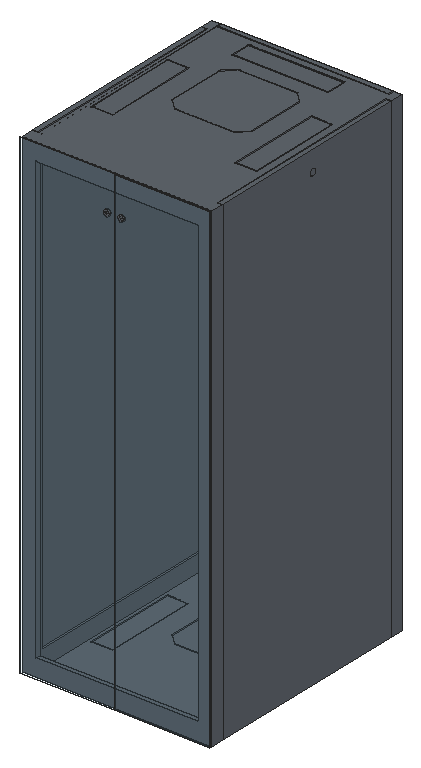
Revit family "Baies Linkeo avec porte avant double largeur 800", category Equipement spécialisé, Revit 2020
Family settings
  Cote de connecteur circulaire = Utiliser le diamètre
  Type d'élément = Normal
  Numéro OmniClass = 23.85.05.17.11.14
  Titre OmniClass = Multimedia Broadcasting Equipment
  Basée sur le plan de construction = Non
  Toujours verticalement = Oui
  Couper avec des vides une fois chargée = Non
  Partagée = Oui
  Point de calcul de pièce = Non
Parameters (values of type "Baie Linkeo2 42U 800x1000 double porte")
  Verrouillage de la porte avant = "A un point"
  Type de montage = "Frontal"
  Type d'aération = "Aucune"
  Température de stockage = "-25°C à 70°C"
  Température de fonctionnement = "-25°C à 70°C"
  Référence Legrand = "646768"
  RAL = "7016"
  Profondeur du modèle = 1000.00 mm
  Profondeur = 1030.00 mm
  Passage utile en largeur (mm) = 890.00 mm
  Passage utile en hauteur (mm) = 1881.00 mm
  Nombre de portes = "2"
  Nombre d'unités en hauteur = 42
  Modèle de largeur = 800.00 mm
  Modèle = "Corps fixe"
  Matériau de la porte avant = Verre
  Matériau = "Acier"
  Lien e-catalogue = "https://www.legrand.fr/reference/646768/pro"
  Libellé BIM = "Baie Linkeo2 42U 800x1000 double porte"
  Largeur (mm) = 810.00 mm
  Indice de protection IP = "IP20"
  Indice de protection IK = "IK08"
  Type de pieds de nivellement = "Pieds de nivellement  800X1000"
  Type de montants verticaux = "Montants verticaux pour armoires Linkeo  42U"
  Type de montants horizontaux = "Montants horizontaux pour armoires Linkeo  42U profondeur 1000"
  Symbole de porte = "Symbole de porte  Porte double"
  Hauteur = 2026.00 mm
  Fonction = "Baie Linkeo2"
  Finition du rail profilé = "Recourbée"
  Finition de surface = "Poudré"
  Emplacement de rack = 93.00 mm
  Elévation par défaut = 0.00 mm
  EAN = "3414971001626"
  Distance ouverture 2 = 298.00 mm
  Distance ouverture 1 = 457.00 mm
  Dimension modulaire = "19 pouces"
  Couleur = gris
  Classe d'application = "EC002499"
  Capacité de charge max = "400"
  Avec tôle de toit = yes
  Avec porte frontale = yes
  Avec mise à la terre = yes
Types (3, lengths in mm): name | Référence Legrand | Profondeur du modèle | Profondeur | Passage utile en largeur (mm) | Passage utile en hauteur (mm) | Lien e-catalogue | Libellé BIM | Type de pieds de nivellement | Type de montants horizontaux | EAN | Distance ouverture 2 | Distance ouverture 1
  Baie Linkeo2 42U 800x600 double porte | "646766" | 600.00 | 630.00 | 490.00 | 1786.00 | "https://www.legrand.fr/reference/646766/pro" | "Baie Linkeo2 42U 800x600 double porte" | "Pieds de nivellement  800X600" | "Montants horizontaux pour armoires Linkeo  42U profondeur 600" | "3414971001602" | 98.00 | 57.00
  Baie Linkeo2 42U 800x800 double porte | "646767" | 800.00 | 830.00 | 690.00 | 1786.00 | "https://www.legrand.fr/reference/646767/pro" | "Baie Linkeo2 42U 800x800 double porte" | "Pieds de nivellement  800X800" | "Montants horizontaux pour armoires Linkeo  42U profondeur 800" | "3414971001619" | 198.00 | 257.00
  Baie Linkeo2 42U 800x1000 double porte | "646768" | 1000.00 | 1030.00 | 890.00 | 1881.00 | "https://www.legrand.fr/reference/646768/pro" | "Baie Linkeo2 42U 800x1000 double porte" | "Pieds de nivellement  800X1000" | "Montants horizontaux pour armoires Linkeo  42U profondeur 1000" | "3414971001626" | 298.00 | 457.00
Reference planes
  plane 1 "Centre (avant/arrière)": y = 106
  plane 2: z = 0
  plane 3: x = -100
  plane 4: x = 700
  plane 5: z = 2026
  plane 6: y = -894
  plane 7: x = -45
  plane 8: x = 645
  plane 9: x = 300
  plane 10: z = 1953.5
  plane 11: z = 72.5
  plane 12: z = 1013
  plane 13: y = -892
  plane 14: x = 300
  plane 15: y = -444.5
  plane 16: y = 455.094
  plane 17: x = 1428.928
  plane 18: z = -485.313
  plane 19: x = 2466.566
  plane 20: z = 1013
  plane 21: x = 300
  plane 22: x = 500
  plane 23: x = 100
  plane 24: x = 300
  plane 25: y = -801
  plane 26: x = 525
  plane 27: y = -799.5
  plane 28: x = 556.5
  plane 29: x = 558
  plane 30: y = -760.5
  plane 31: y = -759
  plane 32: x = 534.5
  plane 33: x = 536
  plane 34: z = 80
  plane 35: z = 89.5
  plane 36: x = 528.5
  plane 37: x = 538
  plane 38: z = 111.75
  plane 39: z = 121.25
  plane 40: y = -742.5
  plane 41: y = -752
  plane 42: z = 105.38
  plane 43: z = 95.88
  plane 44: x = 77
  plane 45: x = 67.5
  plane 46: x = 66
  plane 47: z = 77.5
  plane 48: z = 1991
  plane 49: z = 1013
  plane 50: y = -894
  plane 51: y = 66
  plane 52: z = 35
  plane 53: y = -601
  plane 54 "Panneaux gauche": y = -797.5
  plane 55 "Panneaux droit": y = 62.5
  plane 56 "Panneaux haut": z = 1989
  plane 57: z = 1941
  plane 58: z = 1941
  plane 59: y = -367.5
  plane 60: x = 175
  plane 61: x = 425
  plane 62: y = 54
  plane 63: y = -36
  plane 64: x = 98
  plane 65: x = 502
  plane 66: x = 131
  plane 67: y = -344.658
  plane 68: x = 469
  plane 69: y = -6.658
  plane 70: x = 133.5
  plane 71: y = -9.158
  plane 72: y = -342.158
  plane 73: x = 466.5
  plane 74: y = -50.658
  plane 75: y = -300.158
  plane 76: through (150.891, -321.084, 1200) normal (-0.7071, -0.7071, 0)
  plane 77: through (440.304, -329.89, 1200) normal (-0.7071, 0.7071, 0)
  plane 78: through (446.349, -26.971, 1200) normal (-0.7071, -0.7071, 0)
  plane 79: through (445.75, -29.908, 1200) normal (-0.7071, -0.7071, 0)
  plane 80: through (150.227, -316.885, 1200) normal (-0.7071, -0.7071, 0)
  plane 81: through (445.5, -321.158, 1200) normal (-0.7071, 0.7071, 0)
  plane 82: x = 100.5
  plane 83: y = 91.5
  plane 84: y = 7.5
  plane 85: x = 499.5
  plane 86: x = 131
  plane 87: y = -437
  plane 88: x = 469
  plane 89: y = -99
  plane 90: x = 133.5
  plane 91: y = -101.5
  plane 92: y = -434.5
  plane 93: x = 466.5
  plane 94: y = -143
  plane 95: y = -392.5
  plane 96: through (150.891, -413.426, 577) normal (-0.7071, -0.7071, 0)
  plane 97: through (440.304, -422.232, 577) normal (-0.7071, 0.7071, 0)
  plane 98: through (446.349, -119.313, 577) normal (-0.7071, -0.7071, 0)
  plane 99: through (445.75, -122.25, 577) normal (-0.7071, -0.7071, 0)
  plane 100: through (150.227, -409.227, 577) normal (-0.7071, -0.7071, 0)
  plane 101: through (445.5, -413.5, 577) normal (-0.7071, 0.7071, 0)
  plane 102: x = -49
  plane 103: x = 41
  plane 104: y = -192
  plane 105: y = -596
  plane 106: y = -194.5
  plane 107: x = -46.5
  plane 108: x = 559
  plane 109: x = 649
  plane 110: through (113.028, -163.472, 1200) normal (-0.7071, 0.7071, 0)
  plane 111: through (194.144, -78.82, 1200) normal (0.7071, -0.7071, 0)
  plane 112: through (113.028, -71.13, 1823) normal (-0.7071, 0.7071, 0)
  plane 113: through (194.144, 13.522, 1823) normal (0.7071, -0.7071, 0)
  plane 114: x = 175.5
  plane 115: through (175.5, -434.5, 1200) normal (-0.7071, -0.7071, 0)
  plane 116: x = 424.5
  plane 117: through (424.5, -434.5, 1200) normal (-0.7071, 0.7071, 0)
  plane 118: through (133.5, -143, 1200) normal (-0.7071, 0.7071, 0)
  plane 119: through (425, -101.5, 1200) normal (0.7071, 0.7071, 0)
  plane 120: x = 175.5
  plane 121: through (175.5, -342.158, 1823) normal (-0.7071, -0.7071, 0)
  plane 122: x = 424.5
  plane 123: through (424.5, -342.158, 1823) normal (-0.7071, 0.7071, 0)
  plane 124: through (133.5, -50.658, 1823) normal (-0.7071, 0.7071, 0)
  plane 125: through (425, -9.158, 1823) normal (0.7071, 0.7071, 0)
  plane 126: y = -801
  plane 127: z = 124.45
  plane 128: x = 42
  plane 129: y = -593.5
  plane 130: x = 100.5
  plane 131: x = 100.5
  plane 132: x = 100.5
  plane 133: x = 561.5
  plane 134: z = 1958
  plane 135: y = -394
  plane 136: y = 84.5
  plane 137: y = -872.5
  plane 138: x = 41
  plane 139: x = 559
  plane 140: x = 300
  plane 141: z = 4159
  plane 142: z = 1958
  plane 143: y = -694
  plane 144: z = 72
  plane 145: z = 1954
  plane 146: y = 82.5
  plane 147: y = -870.5
  plane 148: x = 38.5
  plane 149: x = 646.5
  plane 150: x = 678.5
  plane 151: x = -78.5
  plane 152: z = 1953.5
  plane 153: z = 72.5
  plane 154: z = 1013
  plane 155: y = -394
  plane 156: y = 51
  plane 157: y = -839
  plane 158: x = -63.5
  plane 159: x = 663.5
  plane 160: y = 84.5
  plane 161: y = -294
  plane 162: y = -909
  plane 163: y = -904
  plane 164: y = -394
  plane 165: x = 301.001
  plane 166: x = 299.001
Forms (mm)
  Extrusion 1, solid, material "gris" <- "Couleur"
    sketch origin (-100, 0, 0) x (0, 1, 0) y (0, 0, 1)
      loop
        line (-894, 0) -> (106, 0) -> (106, 2026) -> (-894, 2026) -> (-894, 0)
    from 0 to 800
  Extrusion 2, void
    sketch origin (-250, 82.5, 1200) x (1, 0, 0) y (0, 0, 1)
      loop
        line (185, 824) -> (185, -1198) -> (915, -1198) -> (915, 824) -> (185, 824)
    from 0 to 953
  Extrusion 3, void
    sketch origin (0, 106, 0) x (1, 0, 0) y (0, 0, 1)
      loop
        line (-45, 1953.5) -> (-45, 72.5) -> (645, 72.5) -> (645, 1953.5) -> (-45, 1953.5)
    from 0 to 1000
  Extrusion 4, solid, material "gris"
    sketch origin (-100, -909, 1976) x (1, 0, 0) y (0, 0, 1)
      loop
        circle (370.629, -100.966) r 12
    from 0 to 5
  Extrusion 5, void
    sketch origin (-100, -914, 1976) x (-1, 0, 0) y (0, 0, 1)
      loop
        line (-364.359, -96.63) -> (-366.292, -94.697) -> (-376.899, -105.303) -> (-374.966, -107.236) -> (-364.359, -96.63)
    from 0 to 2
  Extrusion 6, solid, material "gris" <- "Couleur", not visible
    sketch origin (-100, 47, -855.959) x (0, -1, 0) y (0, 0, 1)
      loop
        circle (154, 1149) r 12
    from 0 to 4
  Extrusion 7, void, not visible
    sketch origin (-104, 531.38, -177.686) x (0, 1, 0) y (0, 0, 1)
      loop
        line (-631.856, 476.03) -> (-633.789, 477.963) -> (-644.395, 467.357) -> (-642.463, 465.424) -> (-631.856, 476.03)
    from 0 to 2
  Extrusion 8, solid, material "gris" <- "Couleur"
    sketch origin (-100, -213.5, 792) x (0, -1, 0) y (0, 0, 1)
      loop
        circle (154, 1149) r 12
    from 0 to 4
  Extrusion 9, void
    sketch origin (-104, 270.88, 1470.273) x (0, 1, 0) y (0, 0, 1)
      loop
        line (-631.856, 476.03) -> (-633.789, 477.963) -> (-644.395, 467.357) -> (-642.463, 465.424) -> (-631.856, 476.03)
    from 0 to 2
  Extrusion 10, solid, material "gris" <- "Couleur", not visible
    sketch origin (621, -865.746, -189.529) x (0, 1, 0) y (0, 0, 1)
      loop
        circle (638.746, 471.529) r 12
    from 0 to 4
  Extrusion 11, void, not visible
    sketch origin (625, -865.126, -189.694) x (0, -1, 0) y (0, 0, 1)
      loop
        line (-631.856, 476.03) -> (-633.789, 477.963) -> (-644.395, 467.357) -> (-642.463, 465.424) -> (-631.856, 476.03)
    from 0 to 2
  Extrusion 12, void
    sketch origin (0, -23, 0) x (1, 0, 0) y (0, 1, 0)
      loop
        line (131, -118.964) -> (131, -370.536) -> (174.464, -414) -> (425.536, -414) -> (469, -370.536) -> (469, -118.964) -> (426.036, -76) -> (173.964, -76) -> (131, -118.964)
    from 2026 to 0
  Extrusion 13, void
    sketch origin (-100, -894, 0) x (0, -1, 0) y (1, 0, 0)
      loop
        line (-858, 198) -> (-858, 602) -> (-948, 602) -> (-948, 198) -> (-858, 198)
    from 0 to 2026
  Extrusion 14, solid, material "gris" <- "Couleur"
    sketch origin (698, 106, 2026) x (-1, 0, 0) y (0, -1, 0)
      loop
        line (597.5, 56) -> (597.5, 138.5) -> (198.5, 138.5) -> (198.5, 56) -> (597.5, 56)
    from 0 to -2
  Extrusion 15, solid, material "gris" <- "Couleur", not visible
    sketch origin (698, 146, 625) x (-1, 0, 0) y (0, -1, 0)
      loop
        line (597.5, 56) -> (597.5, 138.5) -> (198.5, 138.5) -> (198.5, 56) -> (597.5, 56)
    from 0 to -2
  Extrusion 16, solid, material "gris" <- "Couleur"
    sketch origin (698, 106, 2) x (-1, 0, 0) y (0, -1, 0)
      loop
        line (597.5, 56) -> (597.5, 138.5) -> (198.5, 138.5) -> (198.5, 56) -> (597.5, 56)
    from 0 to -2
  Extrusion 17, void
    sketch origin (0, 0, 0) x (0, 1, 0) y (1, 0, 0)
      loop
        line (-192, -49) -> (-192, 41) -> (-596, 41) -> (-596, -49) -> (-192, -49)
      loop
        line (-192, 559) -> (-192, 649) -> (-596, 649) -> (-596, 559) -> (-192, 559)
    from 0 to -2026
  Extrusion 18, solid, material "gris" <- "Couleur"
    sketch origin (-100, -454, 0) x (1, 0, 0) y (0, -1, 0)
      loop
        line (233.5, -311) -> (275, -352.5) -> (525, -352.5) -> (566.5, -311) -> (566.5, -61.5) -> (524.5, -19.5) -> (275.5, -19.5) -> (233.5, -61.5) -> (233.5, -311)
    from 0 to -2
  Extrusion 19, solid, material "gris" <- "Couleur"
    sketch origin (-100, 106, 2026) x (0, -1, 0) y (1, 0, 0)
      loop
        line (207.5, 275) -> (249, 233.5) -> (498.5, 233.5) -> (540.5, 275.5) -> (540.5, 524.5) -> (498.5, 566.5) -> (249, 566.5) -> (207.5, 525) -> (207.5, 275)
    from -2 to 0
  Extrusion 20, void
    sketch origin (0, 106, 0) x (1, 0, 0) y (0, 0, 1)
      loop
        line (649, 1954) -> (-49, 1954) -> (-49, 72) -> (649, 72) -> (649, 1954)
    from 2 to 0
  Extrusion 21, solid, material "gris" <- "Couleur"
    sketch origin (938.746, 106, 1467.471) x (-1, 0, 0) y (0, 0, 1)
      loop
        circle (638.746, 471.529) r 12
    from 0 to 4
  Extrusion 22, void
    sketch origin (938.126, 110, 1467.306) x (1, 0, 0) y (0, 0, 1)
      loop
        line (-631.856, 476.03) -> (-633.789, 477.963) -> (-644.395, 467.357) -> (-642.463, 465.424) -> (-631.856, 476.03)
    from 0 to 2
  Extrusion 23, solid, material "gris" <- "Couleur"
    sketch origin (-100, 106, 2026) x (0, -1, 0) y (1, 0, 0)
      loop
        line (699.5, 746.5) -> (300.5, 746.5) -> (300.5, 661.5) -> (699.5, 661.5) -> (699.5, 746.5)
    from 0 to -2
  Extrusion 24, solid, material "gris" <- "Couleur"
    sketch origin (-100, -894, 0) x (1, 0, 0) y (0, -1, 0)
      loop
        line (53.5, -699.5) -> (138.5, -699.5) -> (138.5, -300.5) -> (53.5, -300.5) -> (53.5, -699.5)
    from 0 to -2
  Extrusion 25, solid, material "gris" <- "Couleur"
    sketch origin (-100, -894, 0) x (1, 0, 0) y (0, -1, 0)
      loop
        line (746.5, -699.5) -> (746.5, -300.5) -> (661.5, -300.5) -> (661.5, -699.5) -> (746.5, -699.5)
    from 0 to -2
  Extrusion 26, solid, material "gris" <- "Couleur"
    sketch origin (700, -521.5, 792) x (0, 1, 0) y (0, 0, 1)
      loop
        circle (154, 1149) r 12
    from 0 to 4
  Extrusion 27, void
    sketch origin (704, -1005.88, 1470.273) x (0, -1, 0) y (0, 0, 1)
      loop
        line (-631.856, 476.03) -> (-633.789, 477.963) -> (-644.395, 467.357) -> (-642.463, 465.424) -> (-631.856, 476.03)
    from 0 to 2
  Extrusion 28, void
    sketch origin (-100, 0, 0) x (0, 1, 0) y (0, 0, 1)
      loop
        line (51, 2026) -> (-839, 2026) -> (-839, 0) -> (51, 0) -> (51, 2026)
    from 0 to 21.5
  Extrusion 29, solid, material "gris" <- "Couleur"
    sketch origin (-100, 0, 0) x (0, 1, 0) y (0, 0, 1)
      loop
        line (51, 2026) -> (-839, 2026) -> (-839, 0) -> (51, 0) -> (51, 2026)
    from 0 to 21.5
  Extrusion 30, solid, material "gris" <- "Couleur"
    sketch origin (700, 0, 0) x (0, 1, 0) y (0, 0, 1)
      loop
        line (-839, 2026) -> (-839, 0) -> (51, 0) -> (51, 2026) -> (-839, 2026)
    from 0 to -21.5
  Extrusion 31, solid, material "gris" <- "Couleur"
    sketch origin (0, 106, 0) x (1, 0, 0) y (0, 0, 1)
      loop
        line (663.5, 2026) -> (-63.5, 2026) -> (-63.5, 0) -> (663.5, 0) -> (663.5, 2026)
    from 0 to 21.5
  Extrusion 32, solid, material "gris" <- "Couleur"
    sketch origin (-100, 106, 2026) x (0, -1, 0) y (1, 0, 0)
      loop
        line (300.5, 53.5) -> (699.5, 53.5) -> (699.5, 138.5) -> (300.5, 138.5) -> (300.5, 53.5)
    from 0 to -2
  Extrusion 33, void
    sketch origin (700, 0, 0) x (0, -1, 0) y (0, 0, 1)
      loop
        line (839, 2026) -> (-51, 2026) -> (-51, 0) -> (839, 0) -> (839, 2026)
    from 0 to 21.5
  Extrusion 34, void
    sketch origin (-100, 0, 0) x (0, 1, 0) y (0, 0, 1)
      loop
        line (51, 1953.5) -> (-839, 1953.5) -> (-839, 72.5) -> (51, 72.5) -> (51, 1953.5)
    from 0 to 800
  Extrusion 35, void
    sketch origin (-100, 106, 2026) x (1, 0, 0) y (0, -1, 0)
      loop
        line (36.5, 21.5) -> (36.5, 0) -> (763.5, 0) -> (763.5, 21.5) -> (36.5, 21.5)
    from 0 to 2026
  Extrusion 36, solid, material "Verre" <- "Matériau de la porte avant"
    sketch origin (-100, 106, 2026) x (0, -1, 0) y (1, 0, 0)
      loop
        line (1015, 0) -> (1015, 800) -> (1010, 800) -> (1010, 0) -> (1015, 0)
    from -2026 to 4
  Extrusion 37, void
    sketch origin (-100, 106, 2030) x (1, 0, 0) y (0, -1, 0)
      loop
        line (399.001, 1015) -> (399.001, 1009.708) -> (401.001, 1009.708) -> (401.001, 1015) -> (399.001, 1015)
    from 0 to 2030
  Extrusion 38, solid, material "gris"
    sketch origin (-100, -909, 1976) x (1, 0, 0) y (0, 0, 1)
      loop
        circle (430.629, -100.966) r 12
    from 0 to 5
  Extrusion 39, void
    sketch origin (-100, -914, 1976) x (-1, 0, 0) y (0, 0, 1)
      loop
        line (-424.359, -96.63) -> (-426.292, -94.697) -> (-436.899, -105.303) -> (-434.966, -107.236) -> (-424.359, -96.63)
    from 0 to 2
Cuts and joins
  Extrusion 2, Extrusion 3, Extrusion 12, Extrusion 13, Extrusion 17, Extrusion 20, Extrusion 28, Extrusion 33, Extrusion 34, Extrusion 35 cuts Extrusion 1
  Extrusion 5, Extrusion 39 cuts Extrusion 4
  Extrusion 9, Extrusion 34 cuts Extrusion 8
  Extrusion 22 cuts Extrusion 21
  Extrusion 27, Extrusion 33 cuts Extrusion 26
  Extrusion 37 cuts Extrusion 36
  Extrusion 39 cuts Extrusion 38
Lines and regions (mm)
  model lines, not visible
    curve 1: line (488, 106, 1013) -> (512, 106, 1013)
    curve 2: line (-104, -119, 293.041) -> (-104, -107, 293.041)
    curve 3: line (-104, -379.5, 1941) -> (-104, -367.5, 1941)
    curve 4: line (661, -215, 282) -> (661, -227, 282)
    curve 5: line (-139, -227, 282) -> (-139, -227, 270)
    curve 6: line (-100, -354, 1667) -> (-100, -354, 1655)
    curve 7: line (-100, -93.5, 19.041) -> (-100, -93.5, 7.041)
    curve 8: line (288, 146, 1939) -> (300, 146, 1939)
    curve 9: line (300, -654, 1939) -> (300, -654, 1927)
    curve 10: line (704, -355.5, 1941) -> (704, -367.5, 1941)
    curve 11: line (700, -381, 1667) -> (700, -381, 1655)
    curve 12: line (700, -381, 1667) -> (700, -371, 1667)
    curve 13: line (-100, -93.5, 19.041) -> (-100, -103.5, 19.041)
    curve 14: line (-100, -354, 1667) -> (-100, -364, 1667)
    curve 15: line (700, -654, 1927) -> (700, -639, 1927)
    curve 16: line (-139, -627, 270) -> (-124, -627, 270)
Dimensions and locks
  "Modèle de largeur": plane 4 to plane 3
  "Hauteur": plane 5 to level
  "Profondeur du modèle": plane 6 to plane 1 "Centre (avant/arrière)"
  locked: plane 7 to plane 8 at 690
  equal spacing: plane 7, plane 9, plane 8
  equal spacing: plane 4, plane 9, plane 3
  equal spacing: plane 5, plane 12, level
  equal spacing: plane 10, plane 12, plane 11
  "Passage utile en hauteur (mm)": plane 10 to plane 11
  Extrusion 2 sketch curve to plane 3 = 35.00 mm
  Extrusion 2 sketch curve to plane 4 = 35.00 mm
  locked: Extrusion 2 sketch curve to level at 2
  locked: plane 5 to Extrusion 2 sketch curve at 2
  locked: plane 6 to plane 13 at 2
  cut or joined group 1 (Extrusion 1, Extrusion 2, Extrusion 3, Extrusion 12, Extrusion 13, Extrusion 17, Extrusion 20, Extrusion 28, Extrusion 33, Extrusion 34, Extrusion 35) to plane 1 "Centre (avant/arrière)" = 23.50 mm
  equal spacing: plane 3, plane 14, plane 4
  equal spacing: plane 23, plane 24, plane 22
  "Emplacement de rack": plane 25 to plane 6
  locked: plane 27 to plane 25 at 1.5
  locked: plane 28 to plane 29 at 1.5
  locked: plane 30 to plane 31 at 1.5
  locked: plane 32 to plane 33 at 1.5
  plane 29 to cut or joined group 1 = 107.00 mm
  locked: plane 26 to plane 28 at 31.5
  locked: plane 31 to plane 25 at 42
  locked: plane 32 to plane 29 at 23.5
  locked: plane 34 to level at 80
  locked: plane 35 to plane 34 at 9.5
  locked: plane 36 to plane 37 at 9.5
  locked: plane 26 to plane 36 at 3.5
  locked: plane 39 to plane 38 at 9.5
  locked: plane 38 to plane 34 at 31.75
  plane 41 to plane 40 = 9.50 mm
  locked: plane 42 to plane 43 at 9.5
  plane 43 to plane 35 = 6.38 mm
  locked: plane 45 to plane 46 at 1.5
  locked: plane 47 to plane 11 at 5
  plane 5 to plane 48 to plane 10 = 35.00 mm, 37.50 mm
  locked: plane 51 to plane 1 "Centre (avant/arrière)" at 40
  locked: plane 52 to level at 35
  locked: plane 48 to plane 5 at 35
  locked: plane 25 to plane 54 "Panneaux gauche" at 3.5
  locked: plane 55 "Panneaux droit" to plane 51 at 3.5
  locked: plane 56 "Panneaux haut" to plane 48 at 2
  plane 57 to plane 5 = 85.00 mm
  locked: plane 5 to plane 58 at 85
  plane 54 "Panneaux gauche" to plane 55 "Panneaux droit" = 860.00 mm
  equal spacing: plane 54 "Panneaux gauche", plane 59, plane 55 "Panneaux droit"
  locked: plane 64 to plane 65 at 404
  "Distance ouverture 2": plane 1 "Centre (avant/arrière)" to plane 104
  locked: plane 104 to plane 105 at 404
  locked: plane 102 to plane 103 at 90
  locked: plane 104 to plane 106 at 2.5
  locked: plane 102 to plane 107 at 2.5
  locked: plane 3 to plane 102 at 51
  locked: plane 108 to plane 109 at 90
  plane 109 to plane 4 = 51.00 mm
  "Distance ouverture 1": plane 50 to plane 87
  locked: plane 127 to plane 34 at 44.45
  equal spacing: plane 128, plane 24, plane 29
  locked: plane 128 to plane 29 at 516
  plane 1 "Centre (avant/arrière)" to plane 62 = 52.00 mm
  cut or joined group 1 to plane 63 = 90.00 mm
  plane 129 to plane 105 = 2.50 mm
  plane 5 to plane 134 = 68.00 mm
  equal spacing: plane 136, plane 135, plane 137
  equal spacing: plane 1 "Centre (avant/arrière)", plane 135, plane 6
  equal spacing: plane 138, plane 140, plane 139, locked at 259 each
  plane 141 to plane 20 = 3146.00 mm
  equal spacing: Extrusion 28 sketch curve, plane 135, Extrusion 28 sketch curve
  "Passage utile en largeur (mm)": Extrusion 28 sketch curve to Extrusion 28 sketch curve
  locked: plane 144 to level at 72
  plane 5 to plane 145 = 72.00 mm
  locked: plane 1 "Centre (avant/arrière)" to plane 146 at 23.5
  locked: plane 50 to plane 147 at 23.5
  locked: plane 148 to plane 103 at 2.5
  locked: plane 149 to plane 109 at 2.5
  locked: plane 150 to plane 4 at 21.5
  locked: plane 3 to plane 151 at 21.5
  equal spacing: plane 152, plane 154, plane 153
  "Passage utile en hauteur (mm)": plane 152 to plane 153
  equal spacing: plane 156, plane 155, plane 157
  "Passage utile en largeur (mm)": plane 156 to plane 157
  locked: plane 3 to plane 158 at 36.5
  locked: plane 159 to plane 4 at 36.5
  locked: plane 1 "Centre (avant/arrière)" to plane 160 at 21.5
  equal spacing: plane 1 "Centre (avant/arrière)", plane 161, plane 143
  locked: plane 163 to plane 162 at 5
  locked: plane 163 to plane 50 at 10
  cut or joined group of Extrusion 4, Extrusion 5, Extrusion 39 to Extrusion 36 = 5.00 mm
  equal spacing: plane 50, plane 164, plane 1 "Centre (avant/arrière)"
  locked: curve 11 to curve 6 at 27
  locked: curve 12 to curve 14
  locked: curve 15 to plane 5 at 99
  locked: plane 166 to plane 165 at 2
  locked: Extrusion 37 sketch curve to Extrusion 37 sketch curve at 5.292
  aligned and locked: level to plane 2
  aligned and locked: Extrusion 1 sketch curve to level
  aligned and locked: Extrusion 1 sketch curve to plane 6
  aligned and locked: plane 5 to Extrusion 1 sketch curve
  aligned and locked: Extrusion 1 sketch curve to plane 1 "Centre (avant/arrière)"
  aligned and locked: Extrusion 1 to plane 4
  aligned and locked: Extrusion 1 to plane 3
  aligned and locked: Extrusion 3 sketch curve to plane 10
  aligned and locked: Extrusion 3 sketch curve to plane 7
  aligned and locked: plane 11 to Extrusion 3 sketch curve
  aligned and locked: Extrusion 3 sketch curve to plane 8
  aligned and locked: Extrusion 1 to Extrusion 3  (x2)
  aligned and locked: plane 24 to plane 9
  aligned and locked: plane 6 to plane 50
  aligned and locked: plane 57 to curve 3
  aligned and locked: plane 59 to curve 3
  aligned and locked: Extrusion 13 sketch curve to plane 64
  aligned and locked: plane 65 to Extrusion 13 sketch curve
  aligned and locked: Extrusion 14 to cut or joined group 1
  aligned and locked: Extrusion 1 to Extrusion 13
  aligned and locked: plane 104 to Extrusion 17 sketch curve  (x2)
  aligned and locked: Extrusion 17 sketch curve to plane 102
  aligned and locked: Extrusion 17 sketch curve to plane 105  (x2)
  aligned and locked: plane 103 to Extrusion 17 sketch curve
  aligned and locked: plane 5 to Extrusion 17
  aligned and locked: Extrusion 12 sketch curve to plane 86
  aligned and locked: Extrusion 12 sketch curve to plane 111
  aligned and locked: Extrusion 12 sketch curve to plane 89
  aligned and locked: Extrusion 12 sketch curve to plane 98
  aligned and locked: Extrusion 12 sketch curve to plane 88
  aligned and locked: Extrusion 12 sketch curve to plane 97
  aligned and locked: Extrusion 12 sketch curve to plane 87
  aligned and locked: Extrusion 12 sketch curve to plane 96
  aligned and locked: Extrusion 18 sketch curve to plane 110
  aligned and locked: Extrusion 18 sketch curve to plane 91
  aligned and locked: Extrusion 18 sketch curve to plane 99
  aligned and locked: Extrusion 18 sketch curve to plane 93
  aligned and locked: Extrusion 18 sketch curve to plane 101
  aligned and locked: Extrusion 18 sketch curve to plane 92
  aligned and locked: Extrusion 18 sketch curve to plane 100
  aligned and locked: Extrusion 18 sketch curve to plane 90
  aligned and locked: Extrusion 19 sketch curve to Extrusion 18  (x8)
  aligned and locked: Extrusion 19 to cut or joined group 1
  aligned and locked: plane 5 to Extrusion 19
  aligned and locked: Extrusion 18 to level
  aligned and locked: plane 109 to Extrusion 20 sketch curve
  aligned and locked: plane 102 to Extrusion 20 sketch curve
  aligned and locked: Extrusion 20 to Extrusion 1
  aligned and locked: plane 126 to plane 25
  aligned and locked: Extrusion 17 sketch curve to plane 108
  aligned and locked: plane 109 to Extrusion 17 sketch curve
  aligned and locked: Extrusion 13 sketch curve to plane 62
  aligned and locked: Extrusion 13 sketch curve to plane 63
  aligned and locked: Extrusion 14 to plane 130
  aligned and locked: Extrusion 15 to plane 131
  aligned and locked: Extrusion 16 to plane 132
  aligned and locked: Extrusion 1 to Extrusion 12
  aligned and locked: Extrusion 23 sketch curve to plane 106
  aligned and locked: Extrusion 23 sketch curve to plane 133
  aligned and locked: Extrusion 23 sketch curve to plane 129
  aligned and locked: Extrusion 23 to cut or joined group 1
  aligned and locked: plane 5 to Extrusion 23
  aligned and locked: Extrusion 24 to cut or joined group 1
  aligned and locked: Extrusion 25 sketch curve to Extrusion 23  (x2)
  aligned and locked: Extrusion 23 to Extrusion 25 sketch curve
  aligned and locked: Extrusion 25 to cut or joined group 1
  aligned and locked: plane 140 to plane 14
  aligned and locked: plane 142 to plane 134
  aligned and locked: plane 145 to Extrusion 20 sketch curve
  aligned and locked: Extrusion 20 sketch curve to plane 144
  aligned and locked: cut or joined group 1 to Extrusion 29 sketch curve
  aligned and locked: Extrusion 29 sketch curve to cut or joined group 1
  aligned and locked: Extrusion 30 sketch curve to cut or joined group 1  (x4)
  aligned and locked: plane 146 to Extrusion 2
  aligned and locked: Extrusion 2 to plane 147
  aligned and locked: Extrusion 24 sketch curve to plane 106
  aligned and locked: Extrusion 24 sketch curve to plane 107
  aligned and locked: Extrusion 32 sketch curve to Extrusion 24  (x2)
  aligned and locked: plane 129 to Extrusion 24 sketch curve
  aligned and locked: plane 129 to Extrusion 32 sketch curve
  aligned and locked: Extrusion 32 to cut or joined group 1
  aligned and locked: plane 148 to Extrusion 32 sketch curve
  aligned and locked: plane 148 to Extrusion 24 sketch curve
  aligned and locked: Extrusion 25 sketch curve to plane 149
  aligned and locked: Extrusion 23 sketch curve to plane 149
  aligned and locked: Extrusion 30 to plane 150
  aligned and locked: Extrusion 29 to plane 151
  aligned and locked: plane 5 to Extrusion 28 sketch curve
  aligned and locked: Extrusion 28 sketch curve to level
  aligned and locked: Extrusion 28 to Extrusion 29
  aligned and locked: Extrusion 33 sketch curve to Extrusion 30  (x2)
  aligned and locked: Extrusion 33 sketch curve to cut or joined group 1  (x2)
  aligned and locked: Extrusion 33 to Extrusion 30
  aligned and locked: plane 5 to Extrusion 29 sketch curve
  aligned and locked: Extrusion 29 sketch curve to level
  aligned and locked: plane 12 to plane 154
  aligned and locked: Extrusion 34 sketch curve to plane 11
  aligned and locked: Extrusion 34 sketch curve to plane 157
  aligned and locked: plane 156 to Extrusion 34 sketch curve
  aligned and locked: plane 10 to Extrusion 34 sketch curve
  aligned and locked: Extrusion 34 to plane 4
  aligned and locked: plane 160 to Extrusion 35 sketch curve
  aligned and locked: plane 158 to Extrusion 35 sketch curve
  aligned and locked: plane 1 "Centre (avant/arrière)" to Extrusion 35 sketch curve
  aligned and locked: Extrusion 35 sketch curve to plane 159
  aligned and locked: Extrusion 1 to Extrusion 35
  aligned and locked: plane 5 to Extrusion 31 sketch curve
  aligned and locked: Extrusion 31 sketch curve to level
  aligned and locked: Extrusion 31 sketch curve to cut or joined group 1  (x2)
  aligned and locked: Extrusion 31 to cut or joined group 1
  aligned and locked: plane 135 to plane 155
  aligned and locked: Extrusion 36 sketch curve to plane 162
  aligned and locked: Extrusion 36 sketch curve to plane 3
  aligned and locked: Extrusion 36 sketch curve to plane 163
  aligned and locked: Extrusion 36 sketch curve to plane 4
  aligned and locked: cut or joined group 1 to Extrusion 36
  aligned and locked: curve 12 to curve 11
  aligned and locked: curve 13 to curve 7
  aligned and locked: curve 14 to curve 6
  aligned and locked: plane 165 to Extrusion 37 sketch curve
  aligned and locked: Extrusion 37 sketch curve to plane 166
  aligned and locked: Extrusion 37 to Extrusion 36
  aligned and locked: Extrusion 37 to level
Automatic sketch dimensions
  Extrusion 7 sketch curve to Extrusion 7 sketch curve = 1.933 mm  (x2)
  Extrusion 7 sketch curve to Extrusion 7 sketch curve = 10.607 mm
  Extrusion 9 sketch curve to Extrusion 9 sketch curve = 1.933 mm  (x2)
  Extrusion 9 sketch curve to Extrusion 9 sketch curve = 10.607 mm
  Extrusion 11 sketch curve to Extrusion 11 sketch curve = 1.933 mm  (x2)
  Extrusion 11 sketch curve to Extrusion 11 sketch curve = 10.607 mm
  curve 5 to curve 5 = 12.00 mm
  curve 6 to curve 6 = 12.00 mm
  curve 7 to curve 7 = 12.00 mm
  Extrusion 22 sketch curve to Extrusion 22 sketch curve = 1.933 mm  (x2)
  Extrusion 22 sketch curve to Extrusion 22 sketch curve = 10.607 mm
  curve 9 to curve 9 = 12.00 mm
  curve 1 to plane 12 = 0.00 mm
  curve 1 to plane 85 = 11.50 mm
  plane 65 to curve 1 = 10.00 mm
  Extrusion 16 sketch curve to Extrusion 16 sketch curve = 399.00 mm
  Extrusion 16 sketch curve to Extrusion 16 sketch curve = 82.50 mm
  Extrusion 14 sketch curve to Extrusion 14 sketch curve = 399.00 mm
  Extrusion 14 sketch curve to Extrusion 14 sketch curve = 82.50 mm
  Extrusion 15 sketch curve to Extrusion 15 sketch curve = 399.00 mm
  Extrusion 15 sketch curve to Extrusion 15 sketch curve = 82.50 mm
  Extrusion 27 sketch curve to Extrusion 27 sketch curve = 1.933 mm  (x2)
  Extrusion 27 sketch curve to Extrusion 27 sketch curve = 10.607 mm
  curve 11 to curve 11 = 12.00 mm
  curve 10 to curve 10 = 12.00 mm
  curve 2 to curve 2 = 12.00 mm
  curve 3 to curve 3 = 12.00 mm
  curve 12 to curve 12 = 10.00 mm
  curve 13 to curve 13 = 10.00 mm
  curve 14 to curve 14 = 10.00 mm
  curve 15 to curve 15 = 15.00 mm
  curve 16 to curve 16 = 15.00 mm
  Extrusion 36 to Extrusion 4 sketch curve = 154.966 mm
  Extrusion 36 to Extrusion 4 sketch curve = 370.629 mm
  Extrusion 36 to Extrusion 38 sketch curve = 154.966 mm
  Extrusion 36 to Extrusion 38 sketch curve = 369.371 mm
  Extrusion 5 sketch curve to Extrusion 5 sketch curve = 1.933 mm  (x2)
  Extrusion 5 sketch curve to Extrusion 5 sketch curve = 10.607 mm
  Extrusion 39 sketch curve to Extrusion 39 sketch curve = 1.933 mm  (x2)
  Extrusion 39 sketch curve to Extrusion 39 sketch curve = 10.607 mm
  Extrusion 36 to Extrusion 37 sketch curve = 0.00 mm
  radius of Extrusion 10 sketch curve = 12.00 mm
  radius of Extrusion 8 sketch curve = 12.00 mm
  radius of Extrusion 6 sketch curve = 12.00 mm
  radius of Extrusion 21 sketch curve = 12.00 mm
  radius of Extrusion 26 sketch curve = 12.00 mm
  radius of Extrusion 4 sketch curve = 12.00 mm
  radius of Extrusion 38 sketch curve = 12.00 mm
